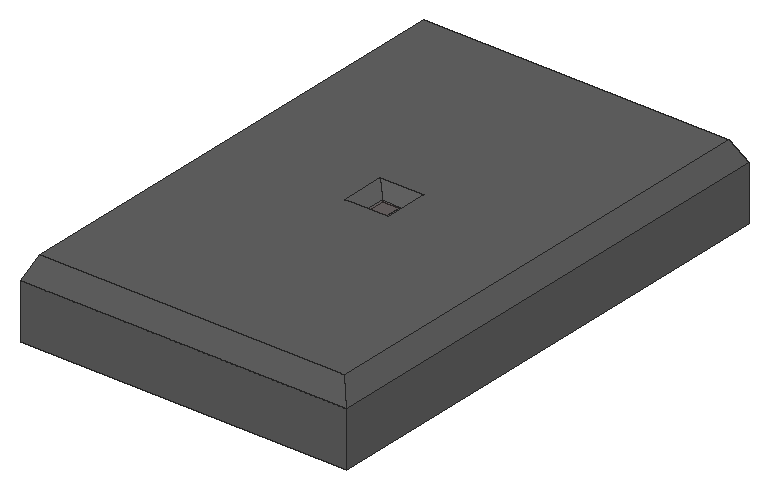
Revit family "Smartcard Reader_Delta5_Farpointe_R17", category Security Devices, host Face, Revit 2017
Family settings
  Host = Face
  Maintain Annotation Orientation = No
  Round Connector Dimension = Use Diameter
  Part Type = Normal
  Cut with Voids When Loaded = No
  Shared = No
  Room Calculation Point = No
Parameters
  Width = 3"
  URL - Quick Start Guides [instance] = "http://farpointedata.com/downloads/qsg_and_ref/SmartcardReaders_QSG.pdf"
  URL - Mounting Guides Letter Size [instance] = "http://farpointedata.com/downloads/mounting_guides/MountingGuide_Delta5_Ltr.pdf"
  URL - Mounting Guides A4 Size [instance] = "http://farpointedata.com/downloads/mounting_guides/MountingGuide_Delta5_A4.pdf"
  URL - Data Sheets [instance] = "http://farpointedata.com/downloads/datasheets/Delta5_TDS.pdf"
  URL - Bid Specifications [instance] = "http://farpointedata.com/downloads/bid_specs/Farpointe_Delta_Specification.docx"
  URL = "http://www.farpointedata.com/"
  Modeled By [instance] = "www.commensestudio.com"
  Model = "Delta5 Contactless Smartcard Reader"  # constant formula
  Manufacturer = "Farpointe Data"  # constant formula
  LED [instance] = LED
  Height = 4.6"
  Description = "Single-Gang Wall Switch Box"  # constant formula
  Depth = 0.4"
  Default Elevation = 48"
  Cover [instance] = Cover
Reference planes (in)
  plane 1 "Center (Front/Back)": y = 0
  plane 2: z = 0
  plane 3 "Center (Left/Right)": x = 0
  plane 4: x = -1.5
  plane 5: x = 1.5
  plane 6: y = 2.3
  plane 7: y = -2.3
  plane 8: z = 0.4
Forms (in)
  Extrusion 1, solid, material "Cover" <- "Cover"
    sketch origin (0, 0, 0) x (1, 0, 0) y (0, 1, 0)
      loop
        line (-1.5, -2.3) -> (1.5, -2.3) -> (1.5, 2.3) -> (-1.5, 2.3) -> (-1.5, -2.3)
    from 0 to 0.5
  Blend 2, solid, material "Cover" <- "Cover"
    base sketch origin (0, 0, 0) x (1, 0, 0) y (0, 1, 0)
      loop
        line (-1.5, 2.3) -> (-1.5, -2.3) -> (1.5, -2.3) -> (1.5, 2.3) -> (-1.5, 2.3)
    top sketch origin (0, 0, 0) x (1, 0, 0) y (0, 1, 0)
      loop
        line (-1.4, 2.2) -> (-1.4, -2.2) -> (1.4, -2.2) -> (1.4, 2.2) -> (-1.4, 2.2)
    from 0.5 to 0.7
  Extrusion 3, solid, material "LED" <- "LED"
    sketch origin (0, 0, 0) x (1, 0, 0) y (0, 1, 0)
      loop
        line (0.085, -0.085) -> (0.085, 0.085) -> (-0.085, 0.085) -> (-0.085, -0.085) -> (0.085, -0.085)
    from 0.5 to 0.61
  Blend 4, void
    base sketch origin (0, 0, 0) x (1, 0, 0) y (0, 1, 0)
      loop
        line (-0.085, 0.085) -> (-0.085, -0.085) -> (0.085, -0.085) -> (0.085, 0.085) -> (-0.085, 0.085)
    top sketch origin (0, 0, 0) x (1, 0, 0) y (0, 1, 0)
      loop
        line (-0.19907, 0.19907) -> (-0.19907, -0.19907) -> (0.19907, -0.19907) -> (0.19907, 0.19907) -> (-0.19907, 0.19907)
    from 0.6 to 0.7
Cuts and joins
  Blend 4 cuts Blend 2
Dimensions and locks (in)
  equal spacing: plane 7, plane 1 "Center (Front/Back)", plane 6
  equal spacing: plane 4, plane 3 "Center (Left/Right)", plane 5
  "Height": plane 7 to plane 6
  "Width": plane 4 to plane 5
  "Depth": plane 8 to level
  aligned and locked: plane 2 to host face
  aligned and locked: level to host face
Automatic sketch dimensions
  host sketch curve to host sketch curve = 96"  (x2)
  plane 4 to Extrusion 1 sketch curve = 0"
  Extrusion 1 sketch curve to plane 5 = 0"
  Extrusion 1 sketch curve to plane 7 = 0"
  plane 6 to Extrusion 1 sketch curve = 0"
  plane 4 to Blend 2 sketch curve = 0"
  Blend 2 sketch curve to plane 5 = 0"
  Blend 2 sketch curve to plane 7 = 0"
  plane 6 to Blend 2 sketch curve = 0"
  Blend 2 sketch curve to plane 3 "Center (Left/Right)" = 1.4"
  plane 3 "Center (Left/Right)" to Blend 2 sketch curve = 1.4"
  Blend 2 sketch curve to plane 7 = 0.1"
  plane 6 to Blend 2 sketch curve = 0.1"
  Extrusion 3 sketch curve to plane 3 "Center (Left/Right)" = 0.085"
  plane 3 "Center (Left/Right)" to Extrusion 3 sketch curve = 0.085"
  plane 1 "Center (Front/Back)" to Extrusion 3 sketch curve = 0.085"
  Extrusion 3 sketch curve to plane 1 "Center (Front/Back)" = 0.085"
  Blend 4 sketch curve to plane 3 "Center (Left/Right)" = 0.085"
  plane 3 "Center (Left/Right)" to Blend 4 sketch curve = 0.085"
  plane 1 "Center (Front/Back)" to Blend 4 sketch curve = 0.085"
  Blend 4 sketch curve to plane 1 "Center (Front/Back)" = 0.085"
  Blend 4 sketch curve to plane 3 "Center (Left/Right)" = 0.19907"
  plane 3 "Center (Left/Right)" to Blend 4 sketch curve = 0.19907"
  plane 1 "Center (Front/Back)" to Blend 4 sketch curve = 0.19907"
  Blend 4 sketch curve to plane 1 "Center (Front/Back)" = 0.19907"
Connectors (in)
  electrical at (0, 0, 0)
    settings: index 3, voltage 0 V, apparent load 0 VA, apparent load phase1 0 VA, apparent load phase2 0 VA, apparent load phase3 0 VA, power factor 1, load classification "Other", number of poles 1, system type 10, power factor state 1, is connector primary yes, connector utility no, sub classification motor no, connector description ""
